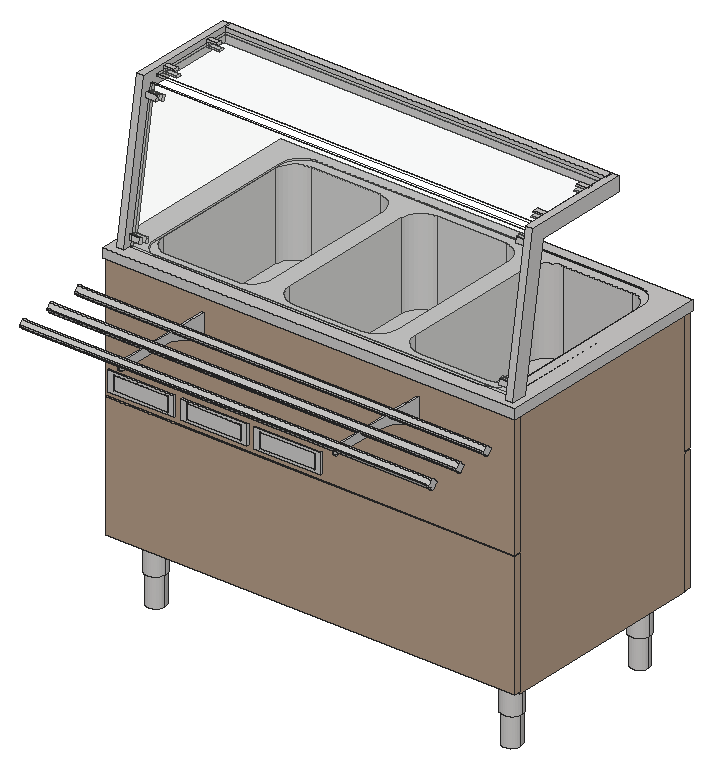
Revit family "QF_ELECTROLUXPROFESSIONAL_322079_F02H3AF01W", category Specialty Equipment, Revit 2018 (continued)
Definition of nested family "Controller_compact"
  Dimensions and locks
    equal spacing: plane 8, plane 3 "Center (Left/Right)", plane 9
    plane 8 to plane 9 = 184.5 mm
    equal spacing: plane 11, plane 1 "Center (Front/Back)", plane 10
    plane 11 to plane 10 = 54.4 mm
    aligned and locked: plane 2 to Extrusion 1
    aligned and locked: level to Extrusion 1
    aligned and locked: Extrusion 2 sketch curve to plane 7
    aligned and locked: plane 4 to Extrusion 2 sketch curve
    aligned and locked: plane 6 to Extrusion 2 sketch curve
    aligned and locked: Extrusion 2 sketch curve to plane 5
    aligned and locked: Extrusion 3 sketch curve to plane 11
    aligned and locked: plane 8 to Extrusion 3 sketch curve
    aligned and locked: plane 10 to Extrusion 3 sketch curve
    aligned and locked: Extrusion 3 sketch curve to plane 9
    aligned and locked: Extrusion 3 sketch curve to Extrusion 2  (x4)
    aligned and locked: Extrusion 3 to Extrusion 2
  Automatic sketch dimensions
    Extrusion 1 sketch curve to Extrusion 1 sketch curve = 2438.4 mm  (x2)
    Split face 1 sketch curve to Extrusion 2 = 11 mm  (x2)
    Split face 1 sketch curve to Extrusion 2 = 26 mm
    Split face 1 sketch curve to Split face 1 sketch curve = 20 mm
    Split face 2 sketch curve to Extrusion 2 = 11 mm  (x2)
    Split face 2 sketch curve to Extrusion 2 = 66 mm
    Split face 2 sketch curve to Split face 2 sketch curve = 20 mm
    Split face 3 sketch curve to Extrusion 2 = 11 mm  (x2)
    Split face 3 sketch curve to Extrusion 2 = 46 mm
    Split face 3 sketch curve to Split face 3 sketch curve = 20 mm
Definition of nested family "Sun"
  Reference planes
    plane 1 "Center (Front/Back)": y = 0
    plane 2: z = 0
    plane 3 "Center (Left/Right)": x = 0
  Lines and regions (mm)
    detail lines, in view "Ref. Level"
      curve 1: circle (0, 0, 0) r 35 normal (0, 0, 1)
      curve 2: line (-18, 31.177, 0) -> (-30, 51.962, 0)
      curve 3: line (0, 36, 0) -> (0, 60, 0)
      curve 4: line (18, 31.177, 0) -> (30, 51.962, 0)
      curve 5: line (31.177, 18, 0) -> (51.962, 30, 0)
      curve 6: line (36, 0, 0) -> (60, 0, 0)
      curve 7: line (31.177, -18, 0) -> (51.962, -30, 0)
      curve 8: line (18, -31.177, 0) -> (30, -51.962, 0)
      curve 9: line (0, -36, 0) -> (0, -60, 0)
      curve 10: line (-18, -31.177, 0) -> (-30, -51.962, 0)
      curve 11: line (-31.177, -18, 0) -> (-51.962, -30, 0)
      curve 12: line (-36, 0, 0) -> (-60, 0, 0)
      curve 13: line (-31.177, 18, 0) -> (-51.962, 30, 0)
Types (2, lengths in mm): name | URL | Manufacturer | Phase | Model | Description
  (no name) | 0 | 0 | 0 | 0 | 0
  Standard | "http://professional.electrolux.com" | "Electrolux Professional" | 1 | "F02H3AF01W" | "BAIN-MARIE, WATER, THREE WELLS, 3GN H=900MM OVERSHELF W/LED LIGHTS"
